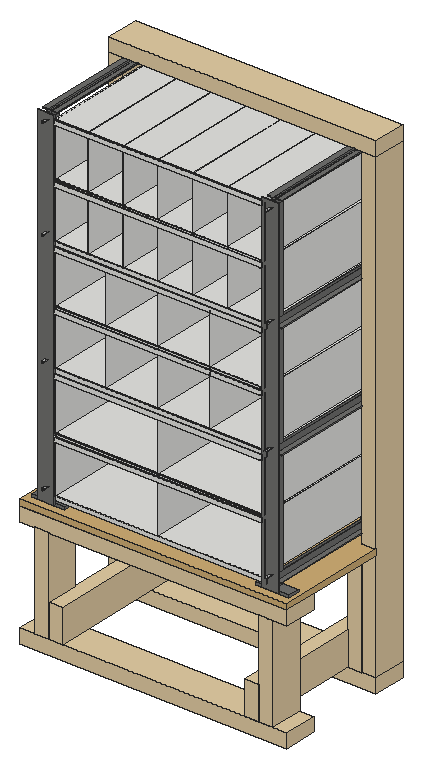
Revit family "Mailboxes_Aluminum-Rack_Ladder_System-Salsbury_Industries-3_Unit_High_Wall_Installation", category Specialty Equipment, host Wall, Revit 2016 (continued)
Definition of nested family "2200_Series_Aluminum_Mailboxes_Rack_Ladder_Units"
  Dimensions and locks (in)
    aligned and locked: plane 30 "Left Side Trim Alignment-Top and Bottom Trim" to Extrusion 5
    aligned and locked: Extrusion 5 to plane 27
    aligned and locked: cut or joined group of Extrusion 2, Extrusion 4, Extrusion 6 to plane 19
    aligned and locked: cut or joined group of Extrusion 2, Extrusion 4, Extrusion 6 to plane 16
    aligned and locked: plane 15 to cut or joined group of Extrusion 2, Extrusion 4, Extrusion 6
    aligned and locked: cut or joined group of Extrusion 2, Extrusion 4, Extrusion 6 to plane 18
    aligned and locked: cut or joined group of Extrusion 1, Extrusion 4, Extrusion 7 to plane 12 "Back Edge of Top Trim"
    aligned and locked: cut or joined group of Extrusion 1, Extrusion 4, Extrusion 7 to plane 22
    aligned and locked: cut or joined group of Extrusion 1, Extrusion 4, Extrusion 7 to plane 11 "Door Align-Back of Door"
    aligned and locked: cut or joined group of Extrusion 1, Extrusion 4, Extrusion 7 to plane 23
    aligned and locked: cut or joined group of Extrusion 1, Extrusion 4, Extrusion 7 to plane 10
    aligned and locked: plane 14 "Back Edge of Side Panels" to curve 46
    aligned and locked: curve 44 to plane 111
    aligned and locked: curve 45 to plane 34
  Automatic sketch dimensions
    plane 6 "Front" to Extrusion 4 sketch curve = 0.000"
    Extrusion 4 sketch curve to plane 24 "Right Side Trim Alignment-Top and Bottom Trim" = 0.000"
    Extrusion 4 sketch curve to plane 5 "Right" = 0.000"
    plane 27 to Extrusion 4 sketch curve = 0.000"
    plane 6 "Front" to Extrusion 6 sketch curve = 0.000"
    Extrusion 6 sketch curve to plane 30 "Left Side Trim Alignment-Top and Bottom Trim" = 0.000"
    Extrusion 6 sketch curve to plane 4 "Left" = 0.000"
    Extrusion 6 sketch curve to plane 27 = 0.000"
    Extrusion 7 sketch curve to plane 6 "Front" = 0.000"
    plane 22 to Extrusion 7 sketch curve = 0.000"
    Extrusion 7 sketch curve to plane 31 "Trop Trim Extrusion Line" = 0.000"
    plane 21 "Top Trim Height" to Extrusion 7 sketch curve = 0.000"
    Extrusion 9 sketch curve to plane 14 "Back Edge of Side Panels" = 0.000"
    Extrusion 9 sketch curve to plane 7 "Back" = 0.000"
    plane 21 "Top Trim Height" to Extrusion 9 sketch curve = 0.000"
    plane 14 "Back Edge of Side Panels" to Extrusion 11 sketch curve = 0.000"
    plane 15 to Extrusion 11 sketch curve = 0.000"
    Extrusion 11 sketch curve to plane 32 "Left Wall of Enclosure" = 0.000"
    Extrusion 11 sketch curve to plane 25 "Inner Right Side of Trim" = 0.000"
    plane 24 "Right Side Trim Alignment-Top and Bottom Trim" to Extrusion 12 sketch curve = 0.000"
    Extrusion 12 sketch curve to plane 55 "Door Align - Row 1" = 0.000"  (x2)
    Extrusion 12 sketch curve to plane 45 "Bottom Compartment Section-Top Plate" = 0.000"  (x2)
    plane 32 "Left Wall of Enclosure" to Extrusion 12 sketch curve = 0.000"
    plane 26 "Right Wall of Enclsosure" to Extrusion 12 sketch curve = 0.000"
    Extrusion 12 sketch curve to plane 93 = 0.0005"
    Extrusion 13 sketch curve to plane 77 = 0.000"
    plane 11 "Door Align-Back of Door" to Extrusion 22 sketch curve = 0.000"
    Extrusion 22 sketch curve to plane 68 = 0.000"
    Extrusion 22 sketch curve to plane 69 = 0.000"
    plane 92 to Extrusion 22 sketch curve = 0.000"
    curve 33 to plane 27 = 0.000"
    plane 27 to curve 30 = 0.000"
    curve 29 to plane 30 "Left Side Trim Alignment-Top and Bottom Trim" = 0.000"
    curve 32 to plane 24 "Right Side Trim Alignment-Top and Bottom Trim" = 0.000"
    curve 40 to plane 11 "Door Align-Back of Door" = 0.000"
    plane 23 to curve 40 = 0.000"
    curve 43 to plane 12 "Back Edge of Top Trim" = 0.000"
    plane 22 to curve 43 = 0.000"
    curve 36 to plane 15 = 0.000"
    curve 36 to plane 18 = 0.000"
    curve 38 to plane 17 "Back Edge of Bottom Trim" = 0.000"
    curve 38 to plane 19 = 0.000"
    curve 37 to plane 16 = 0.000"
    curve 40 to plane 10 = 0.000"
  Nested families (in)
    nested 1: "Rack Ladder None" at (-5.61775, -7.25025, 0.28125), type <- "Door Location D8", visible <- "Visible", type "No Door"
    nested 2: "Rack Ladder None" at (-9.3155, -7.25025, 0.28125), type <- "Door Location D7", visible <- "Visible", type "No Door"
    nested 3: "Rack Ladder #3 Door" at (-5.62725, -7.25025, 0.28125), type <- "Door Location D9", visible <- "Visible", type "#3 Door"
    nested 4: "Rack Ladder None" at (1.77825, -7.25025, 0.28125), type <- "Door Location D10", visible <- "Visible", type "No Door"
    nested 5: "Rack Ladder None" at (5.47625, -7.25025, 0.28125), type <- "Door Location D11", visible <- "Visible", type "No Door"
    nested 6: "Rack Ladder #3 Door" at (5.46925, -7.25025, 0.28125), type <- "Door Location D12", visible <- "Visible", type "#3 Door"
    nested 7: "Rack Ladder None" at (-5.61775, -7.25025, 6.219), type <- "Door Location D2", visible <- "Visible", type "No Door"
    nested 8: "Rack Ladder None" at (-9.3155, -7.25025, 6.219), type <- "Door Location D1", visible <- "Visible", type "No Door"
    nested 9: "Rack Ladder #3 Door" at (-5.62725, -7.25025, 6.219), type <- "Door Location D3", visible <- "Visible", type "#3 Door"
    nested 10: "Rack Ladder None" at (1.77825, -7.25025, 6.219), type <- "Door Location D4", visible <- "Visible", type "No Door"
    nested 11: "Rack Ladder None" at (5.47625, -7.25025, 6.219), type <- "Door Location D5", visible <- "Visible", type "No Door"
    nested 12: "Rack Ladder #3 Door" at (5.469, -7.25025, 6.219), type <- "Door Location D6", visible <- "Visible", type "#3 Door"
    nested 13: "Rack Ladder None" at (-7.46675, -7.25025, 0.28125), type <- "Door Location D15", type "No Door"
    nested 14: "Rack Ladder None" at (3.628, -7.25025, 0.28125), type <- "Door Location D16", type "No Door"
    nested 15: "Rack Ladder None" at (-7.46675, -7.25025, 6.219), type <- "Door Location D13", type "No Door"
    nested 16: "Rack Ladder None" at (3.628, -7.25025, 6.219), type <- "Door Location D14", type "No Door"
    nested 17: "Rack Ladder None" at (-1.7605, -7.25025, 0.28125), type <- "Door Location D17", type "No Door"
    nested 18: "Rack Ladder Latch Lock" at (5.93775, 7.77746, 0.59116), visible <- "Rear Door", type "Lock Latch"
      with Rear Door no
    nested 19: "Rack Ladder Latch Lock" at (-6.0935, 7.77746, 0.59116), visible <- "Rear Door", type "Lock Latch"
      with Rear Door no
  Definition of nested family "Rack Ladder #3 Door"
    Parameters (values of type "#3 Door")
      Width = 10.937"
      Type Comments = "For Aluminum Mailboxes"
      Model = "#3 Door"
      Manufacturer = "Salsbury Industries"
      Lock Offset - Vertical = 1.5625"
      Lock Material = none
      Height = 5.625"
      Front Panel Material = none
      Depth = 0.313"
    Reference planes (in)
      plane 1 "Center (Front/Back)": y = 0
      plane 2 "Bottom of Door": z = 0
      plane 3 "Center (Left/Right)": x = 0
      plane 4 "Left Side of Door": x = -5.4685
      plane 5 "Right Side of Door": x = 5.4685
      plane 6 "Front of Door": y = -0.1565
      plane 7 "Back of Door": y = 0.1565
      plane 8 "Vertical Center": z = 2.8125
      plane 9 "Top of Door": z = 5.625
      plane 10 "Hinge Line": x = 4.9685
      plane 11 "Vertical Lock Center": x = -4.4685
      plane 12: z = 1.5625
      plane 13: x = 3.9685
      plane 14: x = 3.4685
      plane 15: x = 2.4685
      plane 16: x = 1.9685
      plane 17: x = 0.9685
      plane 18: x = 0.4995
      plane 19: x = -0.5005
      plane 20: x = -1.0005
      plane 21: x = -2.0005
      plane 22: x = -2.5005
      plane 23: x = -3.4695
      plane 24: x = -3.9695
      plane 25: x = -4.9695
      plane 26 "Front of Hinge": y = -0.344
      plane 27 "Door Face Inset Guide": y = -0.12525
      plane 28: z = 4.875
    Forms (in)
      Extrusion 1, solid, material <- "Front Panel Material"
        sketch origin (0, 0, 0) x (1, 0, 0) y (0, 1, 0)
          loop
            line (5.4685, 0.1565) -> (-5.4685, 0.1565) -> (-5.4685, -0.1565) -> (4.9685, -0.1565)
            arc (4.9685, -0.1565) -> (5.2185, -0.34407) -> (5.4685, -0.1565) r 0.26039
            line (5.4685, -0.1565) -> (5.4685, 0.1565)
        from 0 to 5.625
      Extrusion 2, void
        sketch origin (0, -0.344, 0) x (1, 0, 0) y (0, 0, 1)
          loop
            line (3.9685, 5.625) -> (3.9685, 0) -> (4.9685, 0) -> (4.9685, 5.625) -> (3.9685, 5.625)
          loop
            line (2.4685, 5.625) -> (2.4685, 0) -> (3.4685, 0) -> (3.4685, 5.625) -> (2.4685, 5.625)
          loop
            line (0.9685, 5.625) -> (0.9685, 0) -> (1.9685, 0) -> (1.9685, 5.625) -> (0.9685, 5.625)
          loop
            line (-0.5005, 5.625) -> (-0.5005, 0) -> (0.4995, 0) -> (0.4995, 5.625) -> (-0.5005, 5.625)
          loop
            line (-2.0005, 5.625) -> (-2.0005, 0) -> (-1.0005, 0) -> (-1.0005, 5.625) -> (-2.0005, 5.625)
          loop
            line (-3.4695, 5.625) -> (-3.4695, 0) -> (-2.5005, 0) -> (-2.5005, 5.625) -> (-3.4695, 5.625)
          loop
            line (-4.9695, 5.625) -> (-4.9695, 0) -> (-3.9695, 0) -> (-3.9695, 5.625) -> (-4.9695, 5.625)
        from 0 to -0.21875
      Extrusion 3, void
        sketch origin (0, 0, -1.219) x (1, 0, 0) y (0, 0, 1)
          loop
            circle (-4.4685, 2.8125) r 0.3125
        from 0.12525 to -0.1565
      Extrusion 4, solid, material <- "Lock Material"
        sketch origin (0, 0.1565, -1.219) x (1, 0, 0) y (0, 0, 1)
          loop
            circle (-4.4685, 2.8125) r 0.3
        from 0 to 0.28175
      Extrusion 5, void
        sketch origin (0, -0.1565, -1.219) x (1, 0, 0) y (0, 0, 1)
          loop
            line (-4.531, 2.85778) -> (-4.531, 2.51103) -> (-4.406, 2.51103) -> (-4.406, 2.85778) -> (-4.531, 2.85778)
        from -0.1565 to 0
    Cuts and joins
      Extrusion 2, Extrusion 3 cuts Extrusion 1
      Extrusion 5 cuts Extrusion 4
    Lines and regions (in)
      symbolic lines
        curve 1: line (-5.4685, -0.1565, 5.625) -> (5.4685, -0.1565, 5.625)
        curve 2: line (-5.4685, -0.1565, 0) -> (-5.4685, -0.1565, 5.625)
        curve 3: line (5.4685, -0.1565, 0) -> (-5.4685, -0.1565, 0)
        curve 4: line (5.4685, -0.1565, 5.625) -> (5.4685, -0.1565, 0)
        curve 5: line (4.9685, -0.1565, 0) -> (4.9685, -0.1565, 5.625)
        curve 6: circle (-4.4685, -0.1565, 1.59551) r 0.31049 normal (0, -1, 0)
    Dimensions and locks (in)
      equal spacing: plane 9 "Top of Door", plane 8 "Vertical Center", plane 2 "Bottom of Door"
      equal spacing: plane 4 "Left Side of Door", plane 3 "Center (Left/Right)", plane 5 "Right Side of Door"
      equal spacing: plane 6 "Front of Door", plane 1 "Center (Front/Back)", plane 7 "Back of Door"
      "Height": plane 9 "Top of Door" to plane 2 "Bottom of Door"
      "Width": plane 4 "Left Side of Door" to plane 5 "Right Side of Door"
      "Depth": plane 6 "Front of Door" to plane 7 "Back of Door"
      plane 10 "Hinge Line" to plane 5 "Right Side of Door" = 0.500"
      "Lock Offset - Vertical": plane 12 to plane 2 "Bottom of Door"
      plane 4 "Left Side of Door" to plane 11 "Vertical Lock Center" = 1.000"
      plane 25 to plane 24 to plane 23 to plane 22 to plane 21 to plane 20 to plane 19 to plane 18 to plane 17 to plane 16 to plane 15 to plane 14 to plane 13 to plane 10 "Hinge Line" = 1.000" locked, 0.500" locked, 0.969" locked, 0.500" locked, 1.000" locked, 0.500" locked, 1.000" locked, 0.469" locked, 1.000" locked, 0.500" locked, 1.000" locked, 0.500" locked, 1.000" locked
      plane 26 "Front of Hinge" to plane 6 "Front of Door" = 0.1875"
      plane 6 "Front of Door" to plane 27 "Door Face Inset Guide" = 0.03125"
      plane 9 "Top of Door" to plane 28 = 0.750"
      aligned and locked: level to plane 2 "Bottom of Door"
      aligned and locked: cut or joined group of Extrusion 1, Extrusion 2, Extrusion 3 to plane 2 "Bottom of Door"
      aligned and locked: cut or joined group of Extrusion 1, Extrusion 2, Extrusion 3 to plane 9 "Top of Door"
      aligned and locked: plane 9 "Top of Door" to Extrusion 2 sketch curve  (x7)
      aligned and locked: plane 2 "Bottom of Door" to curve 3
      aligned and locked: plane 5 "Right Side of Door" to curve 4
      aligned and locked: curve 2 to plane 4 "Left Side of Door"
      aligned and locked: plane 9 "Top of Door" to curve 1
      aligned and locked: plane 2 "Bottom of Door" to curve 5
      aligned and locked: plane 9 "Top of Door" to curve 5
      aligned and locked: curve 5 to plane 10 "Hinge Line"
    Automatic sketch dimensions
      Extrusion 1 sketch curve to plane 4 "Left Side of Door" = 0.000"
      plane 6 "Front of Door" to Extrusion 1 sketch curve = 0.000"  (x2)
      Extrusion 1 sketch curve to plane 10 "Hinge Line" = 0.000"
      Extrusion 1 sketch curve to plane 5 "Right Side of Door" = 0.000"
      plane 7 "Back of Door" to Extrusion 1 sketch curve = 0.000"
      Extrusion 1 sketch curve to plane 27 "Door Face Inset Guide" = 0.04158"
      Extrusion 2 sketch curve to level = 0.000"  (x7)
      plane 25 to Extrusion 2 sketch curve = 0.000"
      plane 24 to Extrusion 2 sketch curve = 0.000"
      plane 23 to Extrusion 2 sketch curve = 0.000"
      plane 22 to Extrusion 2 sketch curve = 0.000"
      plane 21 to Extrusion 2 sketch curve = 0.000"
      plane 20 to Extrusion 2 sketch curve = 0.000"
      plane 19 to Extrusion 2 sketch curve = 0.000"
      plane 18 to Extrusion 2 sketch curve = 0.000"
      plane 17 to Extrusion 2 sketch curve = 0.000"
      plane 16 to Extrusion 2 sketch curve = 0.000"
      plane 15 to Extrusion 2 sketch curve = 0.000"
      plane 14 to Extrusion 2 sketch curve = 0.000"
      plane 13 to Extrusion 2 sketch curve = 0.000"
      plane 10 "Hinge Line" to Extrusion 2 sketch curve = 0.000"
      plane 8 "Vertical Center" to Extrusion 3 sketch curve = 1.219"
      plane 11 "Vertical Lock Center" to Extrusion 3 sketch curve = 0.000"
      plane 8 "Vertical Center" to Extrusion 4 sketch curve = 1.219"
      plane 11 "Vertical Lock Center" to Extrusion 4 sketch curve = 0.000"
      plane 11 "Vertical Lock Center" to Extrusion 5 sketch curve = 0.0625"
      Extrusion 5 sketch curve to plane 11 "Vertical Lock Center" = 0.0625"
      plane 8 "Vertical Center" to Extrusion 5 sketch curve = 1.52047"
      plane 8 "Vertical Center" to Extrusion 5 sketch curve = 1.17372"
      plane 11 "Vertical Lock Center" to curve 6 = 0.000"
      curve 6 to plane 12 = 0.03301"
      radius of Extrusion 3 sketch curve = 0.3125"
      radius of Extrusion 4 sketch curve = 0.300"
      radius of curve 6 = 0.31049"
  Definition of nested family "Rack Ladder None"
    Parameters (values of type "No Door")
      Width = 3.522"
      Visible = no
      Type Comments = "For Aluminum Mailboxes"
      Model = "#1 Door"
      Manufacturer = "Salsbury Industries"
      Lock Offset - Vertical = 1.5625"
      Lock Material = none
      Height = 5.625"
      Front Panel Material = none
      Door Numbers = no
      Door Number [instance] = "1"
      Depth = 0.313"
    Reference planes (in)
      plane 1 "Center (Front/Back)": y = 0
      plane 2 "Bottom of Door": z = 0
      plane 3 "Center (Left/Right)": x = 0
      plane 4 "Left Side of Door": x = -1.761
      plane 5 "Right Side of Door": x = 1.761
      plane 6 "Front of Door": y = -0.1565
      plane 7 "Back of Door": y = 0.1565
      plane 8 "Vertical Center": z = 2.8125
      plane 9 "Top of Door": z = 5.625
      plane 10 "Hinge Line": x = 1.261
      plane 11 "Vertical Lock Center": x = -0.761
      plane 12: z = 1.5625
      plane 13: x = 0.261
      plane 14: x = -0.239
      plane 15: x = -1.239
      plane 16: x = -1.739
      plane 17: x = -2.739
      plane 18: x = -3.208
      plane 19: x = -4.208
      plane 20: x = -4.708
      plane 21: x = -5.708
      plane 22: x = -6.208
      plane 23: x = -7.177
      plane 24: x = -7.677
      plane 25: x = -8.677
      plane 26 "Front of Hinge": y = -0.344
      plane 27 "Door Face Inset Guide": y = -0.12525
      plane 28: z = 4.875
    Forms (in)
      Extrusion 1, solid, material <- "Front Panel Material", visible <- "Visible"
        sketch origin (0, 0, 0) x (1, 0, 0) y (0, 1, 0)
          loop
            line (1.761, 0.1565) -> (-1.761, 0.1565) -> (-1.761, -0.1565) -> (1.261, -0.1565)
            arc (1.261, -0.1565) -> (1.511, -0.34407) -> (1.761, -0.1565) r 0.26039
            line (1.761, -0.1565) -> (1.761, 0.1565)
        from 0 to 5.625
      Extrusion 2, void
        sketch origin (0, -0.344, 0) x (1, 0, 0) y (0, 0, 1)
          loop
            line (0.261, 5.625) -> (0.261, 0) -> (1.261, 0) -> (1.261, 5.625) -> (0.261, 5.625)
          loop
            line (-1.239, 5.625) -> (-1.239, 0) -> (-0.239, 0) -> (-0.239, 5.625) -> (-1.239, 5.625)
          loop
            line (-2.739, 5.625) -> (-2.739, 0) -> (-1.761, 0) -> (-1.761, 5.625) -> (-2.739, 5.625)
          loop
            line (-4.208, 5.625) -> (-4.208, 0) -> (-3.208, 0) -> (-3.208, 5.625) -> (-4.208, 5.625)
          loop
            line (-5.708, 5.625) -> (-5.708, 0) -> (-4.708, 0) -> (-4.708, 5.625) -> (-5.708, 5.625)
          loop
            line (-7.177, 5.625) -> (-7.177, 0) -> (-6.208, 0) -> (-6.208, 5.625) -> (-7.177, 5.625)
          loop
            line (-8.677, 5.625) -> (-8.677, 0) -> (-7.677, 0) -> (-7.677, 5.625) -> (-8.677, 5.625)
        from 0 to -0.21875
      Extrusion 3, void
        sketch origin (0, 0, -1.219) x (1, 0, 0) y (0, 0, 1)
          loop
            circle (-0.761, 2.8125) r 0.3125
        from 0.12525 to -0.1565
      Extrusion 4, solid, material <- "Lock Material", visible <- "Visible"
        sketch origin (0, 0.1565, -1.219) x (1, 0, 0) y (0, 0, 1)
          loop
            circle (-0.761, 2.8125) r 0.3
        from 0 to 0.28175
      Extrusion 5, void
        sketch origin (0, -0.1565, -1.219) x (1, 0, 0) y (0, 0, 1)
          loop
            line (-0.8235, 2.85778) -> (-0.8235, 2.51103) -> (-0.6985, 2.51103) -> (-0.6985, 2.85778) -> (-0.8235, 2.85778)
        from -0.1565 to 0
    Cuts and joins
      Extrusion 2, Extrusion 3 cuts Extrusion 1
      Extrusion 5 cuts Extrusion 4
    Dimensions and locks (in)
      equal spacing: plane 9 "Top of Door", plane 8 "Vertical Center", plane 2 "Bottom of Door"
      equal spacing: plane 4 "Left Side of Door", plane 3 "Center (Left/Right)", plane 5 "Right Side of Door"
      equal spacing: plane 6 "Front of Door", plane 1 "Center (Front/Back)", plane 7 "Back of Door"
      "Height": plane 9 "Top of Door" to plane 2 "Bottom of Door"
      "Width": plane 4 "Left Side of Door" to plane 5 "Right Side of Door"
      "Depth": plane 6 "Front of Door" to plane 7 "Back of Door"
      plane 10 "Hinge Line" to plane 5 "Right Side of Door" = 0.500"
      "Lock Offset - Vertical": plane 12 to plane 2 "Bottom of Door"
      plane 4 "Left Side of Door" to plane 11 "Vertical Lock Center" = 1.000"
      plane 25 to plane 24 to plane 23 to plane 22 to plane 21 to plane 20 to plane 19 to plane 18 to plane 17 to plane 16 to plane 15 to plane 14 to plane 13 to plane 10 "Hinge Line" = 1.000" locked, 0.500" locked, 0.969" locked, 0.500" locked, 1.000" locked, 0.500" locked, 1.000" locked, 0.469" locked, 1.000" locked, 0.500" locked, 1.000" locked, 0.500" locked, 1.000" locked
      plane 26 "Front of Hinge" to plane 6 "Front of Door" = 0.1875"
      plane 6 "Front of Door" to plane 27 "Door Face Inset Guide" = 0.03125"
      plane 9 "Top of Door" to plane 28 = 0.750"
      aligned and locked: level to plane 2 "Bottom of Door"
      aligned and locked: cut or joined group of Extrusion 1, Extrusion 2, Extrusion 3 to plane 2 "Bottom of Door"
      aligned and locked: cut or joined group of Extrusion 1, Extrusion 2, Extrusion 3 to plane 9 "Top of Door"
      aligned and locked: plane 9 "Top of Door" to Extrusion 2 sketch curve  (x7)
    Automatic sketch dimensions
      Extrusion 1 sketch curve to plane 4 "Left Side of Door" = 0.000"
      plane 6 "Front of Door" to Extrusion 1 sketch curve = 0.000"  (x2)
      Extrusion 1 sketch curve to plane 10 "Hinge Line" = 0.000"
      Extrusion 1 sketch curve to plane 5 "Right Side of Door" = 0.000"
      plane 7 "Back of Door" to Extrusion 1 sketch curve = 0.000"
      Extrusion 1 sketch curve to plane 27 "Door Face Inset Guide" = 0.04158"
      Extrusion 2 sketch curve to level = 0.000"  (x7)
      plane 25 to Extrusion 2 sketch curve = 0.000"
      plane 24 to Extrusion 2 sketch curve = 0.000"
      plane 23 to Extrusion 2 sketch curve = 0.000"
      plane 22 to Extrusion 2 sketch curve = 0.000"
      plane 21 to Extrusion 2 sketch curve = 0.000"
      plane 20 to Extrusion 2 sketch curve = 0.000"
      plane 19 to Extrusion 2 sketch curve = 0.000"
      plane 18 to Extrusion 2 sketch curve = 0.000"
      plane 17 to Extrusion 2 sketch curve = 0.000"
      plane 16 to Extrusion 2 sketch curve = 0.022"
      plane 15 to Extrusion 2 sketch curve = 0.000"
      plane 14 to Extrusion 2 sketch curve = 0.000"
      plane 13 to Extrusion 2 sketch curve = 0.000"
      plane 10 "Hinge Line" to Extrusion 2 sketch curve = 0.000"
      plane 8 "Vertical Center" to Extrusion 3 sketch curve = 1.219"
      plane 11 "Vertical Lock Center" to Extrusion 3 sketch curve = 0.000"
      plane 8 "Vertical Center" to Extrusion 4 sketch curve = 1.219"
      plane 11 "Vertical Lock Center" to Extrusion 4 sketch curve = 0.000"
      plane 11 "Vertical Lock Center" to Extrusion 5 sketch curve = 0.0625"
      Extrusion 5 sketch curve to plane 11 "Vertical Lock Center" = 0.0625"
      plane 8 "Vertical Center" to Extrusion 5 sketch curve = 1.52047"
      plane 8 "Vertical Center" to Extrusion 5 sketch curve = 1.17372"
      radius of Extrusion 3 sketch curve = 0.3125"
      radius of Extrusion 4 sketch curve = 0.300"
  Definition of nested family "Rack Ladder Latch Lock"
    Parameters (values of type "Lock Latch")
      Width = 1.866"
      Type Comments = "Lock Latch for Aluminum Mailboxes"
      Rear Door = yes
      Manufacturer = "Salsbury Industries"
      Height = 1.750"
      Depth = 0.244"
      Back Enclosure Material = none
    Reference planes (in)
      plane 1 "Center (Front/Back)": y = 0
      plane 2 "bottom": z = 0
      plane 3 "Center (Left/Right)": x = 0
      plane 4 "right": x = -0.933
      plane 5 "left": x = 0.933
      plane 6 "Front": y = 0.122
      plane 7 "Back": y = -0.122
      plane 8 "Vertical Center": z = 0.875
      plane 9 "top": z = 1.75
      plane 10: z = -0.279
    Forms (in)
      Extrusion 1, solid, material <- "Back Enclosure Material", visible <- "Rear Door"
        sketch origin (0, 0, 0) x (1, 0, 0) y (0, 1, 0)
          loop
            line (-0.2052, -0.0902) -> (-0.933, -0.0902) -> (-0.933, -0.12209) -> (-0.20518, -0.12209)
            arc (-0.20518, -0.12209) -> (-0.12279, -0.08579) -> (-0.09398, -0.00048) r 0.11165
            arc (-0.09398, -0.00048) -> (0.00012, 0.09362) -> (0.09423, -0.00048) r 0.09411
            arc (0.09423, -0.00048) -> (0.12477, -0.08591) -> (0.208, -0.122) r 0.11401
            line (0.208, -0.122) -> (0.933, -0.122) -> (0.933, -0.08954) -> (0.20816, -0.08954)
            arc (0.20816, -0.08954) -> (0.14702, -0.06294) -> (0.1248, -0.00006) r 0.08357
            arc (0.1248, -0.00006) -> (-0.00014, 0.12487) -> (-0.12507, -0.00006) r 0.12494
            arc (-0.12507, -0.00006) -> (-0.1449, -0.06312) -> (-0.2052, -0.0902) r 0.08069
        from 0 to 1.75
      Extrusion 2, void
        sketch origin (0, 0.122, 0) x (1, 0, 0) y (0, 0, 1)
          loop
            line (-0.16686, 1.46934) -> (-0.16686, 0.23804) -> (0.1534, 0.23804) -> (0.1534, 0.43538) -> (0.08495, 0.43538) -> (0.08495, 1.31462) -> (0.1534, 1.31462) -> (0.1534, 1.46934) -> (-0.16686, 1.46934)
        from -0.01091 to 0.1442
      Blend 3, solid, material <- "Back Enclosure Material", visible <- "Rear Door", detail levels fine
        base sketch origin (0, 0.122, 0) x (1, 0, 0) y (0, 0, 1)
          loop
            circle (-0.5582, 1.36599) r 0.1
        top sketch origin (0, 0.122, 0) x (1, 0, 0) y (0, 0, 1)
          loop
            circle (-0.5582, 1.36599) r 0.25
        from 0.16742 to 0.21154
      Blend 4, solid, material <- "Back Enclosure Material", visible <- "Rear Door", detail levels fine
        base sketch origin (1.11828, 0.122, 0) x (1, 0, 0) y (0, 0, 1)
          loop
            circle (-0.5582, 1.36599) r 0.1
        top sketch origin (1.11828, 0.122, 0) x (1, 0, 0) y (0, 0, 1)
          loop
            circle (-0.5582, 1.36599) r 0.25
        from 0.16742 to 0.21154
      Blend 5, solid, material <- "Back Enclosure Material", visible <- "Rear Door", detail levels fine
        base sketch origin (0, 0.122, -1) x (1, 0, 0) y (0, 0, 1)
          loop
            circle (-0.5582, 1.36599) r 0.1
        top sketch origin (0, 0.122, -1) x (1, 0, 0) y (0, 0, 1)
          loop
            circle (-0.5582, 1.36599) r 0.25
        from 0.16742 to 0.21154
      Blend 6, solid, material <- "Back Enclosure Material", visible <- "Rear Door", detail levels fine
        base sketch origin (1.11828, 0.122, -1) x (1, 0, 0) y (0, 0, 1)
          loop
            circle (-0.5582, 1.36599) r 0.1
        top sketch origin (1.11828, 0.122, -1) x (1, 0, 0) y (0, 0, 1)
          loop
            circle (-0.5582, 1.36599) r 0.25
        from 0.16742 to 0.21154
      Extrusion 7, solid, material <- "Back Enclosure Material", visible <- "Rear Door"
        sketch origin (0.00096, -7.77812, -0.40625) x (1, 0, 0) y (0, 1, 0)
          loop
            circle (-0.00048, 7.77784) r 0.09014
        from 0 to 2
      Extrusion 8, solid, material <- "Back Enclosure Material", visible <- "Rear Door"
        sketch origin (0, -7.78798, 0) x (0, 1, 0) y (0, 0, 1)
          loop
            circle (7.81979, 0.30837) r 0.05
        from 0 to 0.5
      Extrusion 9, solid, material <- "Back Enclosure Material", visible <- "Rear Door"
        sketch origin (0.00176, -0.02845, -0.59125) x (1, 0, 0) y (0, 0, 1)
          loop
            line (1.0609, 0.28125) -> (1.0609, 0.31225) -> (-1.06287, 0.31225) -> (-1.06287, 0.28125) -> (1.0609, 0.28125)
        from -0.25 to 0.625
      Extrusion 10, void
        sketch origin (0.00176, -7.77845, -0.31) x (0, -1, 0) y (1, 0, 0)
          loop
            circle (-7.77776, -0.00113) r 0.09325
        from 0 to 0.031
    Cuts and joins
      Extrusion 2 cuts Extrusion 1
      Extrusion 10 cuts Extrusion 9
    Lines and regions (in)
      symbolic lines
        curve 1: line (0.933, 0.122, 1.75) -> (-0.933, 0.122, 1.75)
        curve 2: line (0.933, 0.122, 0) -> (0.933, 0.122, 1.75)
        curve 3: line (-0.933, 0.122, 0) -> (0.933, 0.122, 0)
        curve 4: line (-0.933, 0.122, 1.75) -> (-0.933, 0.122, 0)
        curve 5: line (0.933, 0.122, -0.279) -> (-0.933, 0.122, -0.279)
        curve 6: line (0.08495, 0.122, 1.75) -> (-0.09416, 0.122, 1.75)
        curve 7: line (0.08495, 0.122, -0.40625) -> (0.08495, 0.122, 1.75)
        curve 8: line (-0.09416, 0.122, -0.40625) -> (0.08495, 0.122, -0.40625)
        curve 9: line (-0.09416, 0.122, 1.75) -> (-0.09416, 0.122, -0.40625)
        curve 10: line (0, -0.122, -0.279) -> (0, 0.122, -0.279)
        curve 11: line (0, -0.122, 1.75) -> (0, 0.122, 1.75)
        curve 12: line (0, -0.122, -0.40625) -> (0, -0.122, 1.75)
        curve 13: line (0, 0.122, -0.40625) -> (0, -0.122, -0.40625)
        curve 14: line (0, 0.122, 1.75) -> (0, 0.122, -0.40625)
        curve 15: line (-0.933, -0.122, 0) -> (-0.933, -0.0902, 0)
        curve 16: line (-0.933, -0.0902, 0) -> (0.933, -0.0902, 0)
        curve 17: line (0.933, -0.0902, 0) -> (0.933, -0.122, 0)
    Dimensions and locks (in)
      equal spacing: plane 7 "Back", plane 1 "Center (Front/Back)", plane 6 "Front"
      "Depth": plane 7 "Back" to plane 6 "Front"
      equal spacing: plane 4 "right", plane 3 "Center (Left/Right)", plane 5 "left"
      "Width": plane 4 "right" to plane 5 "left"
      equal spacing: plane 9 "top", plane 8 "Vertical Center", plane 2 "bottom"
      "Height": plane 9 "top" to plane 2 "bottom"
      plane 10 to level = 0.279"
      aligned and locked: level to plane 2 "bottom"
      aligned and locked: curve 4 to plane 4 "right"
      aligned and locked: plane 9 "top" to curve 1
      aligned and locked: plane 5 "left" to curve 2
      aligned and locked: plane 2 "bottom" to curve 3
      aligned and locked: plane 5 "left" to curve 5
      aligned and locked: plane 4 "right" to curve 5
      aligned and locked: plane 10 to curve 5
      aligned and locked: plane 9 "top" to curve 6
      aligned and locked: plane 7 "Back" to curve 10
      aligned and locked: plane 6 "Front" to curve 10
      aligned and locked: curve 12 to plane 7 "Back"
      aligned and locked: plane 6 "Front" to curve 14
      aligned and locked: plane 9 "top" to curve 11
      aligned and locked: cut or joined group of Extrusion 1, Extrusion 2 to plane 5 "left"
      aligned and locked: plane 4 "right" to cut or joined group of Extrusion 1, Extrusion 2
    Automatic sketch dimensions
      Extrusion 1 sketch curve to plane 4 "right" = 0.000"
      plane 7 "Back" to Extrusion 1 sketch curve = 0.000"
      Extrusion 1 sketch curve to plane 5 "left" = 0.000"
      plane 1 "Center (Front/Back)" to Extrusion 1 sketch curve = 0.00951"
      Extrusion 1 sketch curve to plane 3 "Center (Left/Right)" = 0.2052"
      plane 7 "Back" to Extrusion 1 sketch curve = 0.00009"
      Extrusion 1 sketch curve to Extrusion 1 sketch curve = 0.00002"
      Extrusion 1 sketch curve to plane 3 "Center (Left/Right)" = 0.00014"
      plane 3 "Center (Left/Right)" to Extrusion 1 sketch curve = 0.00012"
      plane 3 "Center (Left/Right)" to Extrusion 1 sketch curve = 0.208"
      Extrusion 1 sketch curve to Extrusion 1 sketch curve = 0.00016"
      Extrusion 1 sketch curve to plane 7 "Back" = 0.0318"
      Extrusion 1 sketch curve to plane 7 "Back" = 0.03246"
      Extrusion 1 sketch curve to Extrusion 1 sketch curve = 0.00094"
      plane 1 "Center (Front/Back)" to Extrusion 1 sketch curve = 0.00799"
      Extrusion 1 sketch curve to Extrusion 1 sketch curve = 0.00201"
      Extrusion 2 sketch curve to plane 3 "Center (Left/Right)" = 0.16686"
      plane 3 "Center (Left/Right)" to Extrusion 2 sketch curve = 0.08495"
      Extrusion 2 sketch curve to Extrusion 2 sketch curve = 0.06845"  (x2)
      level to Extrusion 2 sketch curve = 0.23804"
      Extrusion 2 sketch curve to Extrusion 2 sketch curve = 0.19734"
      plane 9 "top" to Extrusion 2 sketch curve = 0.43538"
      plane 9 "top" to Extrusion 2 sketch curve = 0.28066"
      Blend 3 sketch curve to plane 4 "right" = 0.3748"  (x2)
      plane 9 "top" to Blend 3 sketch curve = 0.38401"  (x2)
      plane 5 "left" to Blend 4 sketch curve = 0.37292"  (x2)
      plane 9 "top" to Blend 4 sketch curve = 0.38401"  (x2)
      Blend 5 sketch curve to plane 4 "right" = 0.3748"  (x2)
      level to Blend 5 sketch curve = 0.36599"  (x2)
      plane 5 "left" to Blend 6 sketch curve = 0.37292"  (x2)
      level to Blend 6 sketch curve = 0.36599"  (x2)
      plane 3 "Center (Left/Right)" to Extrusion 7 sketch curve = 0.00048"
      plane 1 "Center (Front/Back)" to Extrusion 7 sketch curve = 0.00028"
      level to Extrusion 8 sketch curve = 0.30837"
      plane 6 "Front" to Extrusion 8 sketch curve = 0.09019"
      plane 4 "right" to Extrusion 9 sketch curve = 0.1281"
      Extrusion 9 sketch curve to plane 5 "left" = 0.12966"
      Extrusion 9 sketch curve to level = 0.310"
      Extrusion 9 sketch curve to Extrusion 9 sketch curve = 0.031"
      plane 1 "Center (Front/Back)" to Extrusion 10 sketch curve = 0.0007"
      plane 3 "Center (Left/Right)" to Extrusion 10 sketch curve = 0.00063"
      curve 6 to plane 3 "Center (Left/Right)" = 0.09416"
      plane 3 "Center (Left/Right)" to curve 6 = 0.08495"
      plane 10 to curve 9 = 0.12725"
      plane 10 to curve 10 = 0.000"
      plane 10 to curve 14 = 0.12725"
      curve 15 to plane 4 "right" = 0.000"
      curve 17 to plane 5 "left" = 0.000"
      curve 16 to plane 7 "Back" = 0.0318"
      plane 7 "Back" to curve 17 = 0.000"
      plane 7 "Back" to curve 15 = 0.000"
      radius of Blend 3 sketch curve = 0.100"
      radius of Blend 3 sketch curve = 0.250"
      radius of Blend 4 sketch curve = 0.100"
      radius of Blend 4 sketch curve = 0.250"
      radius of Blend 5 sketch curve = 0.100"
      radius of Blend 5 sketch curve = 0.250"
      radius of Blend 6 sketch curve = 0.100"
      radius of Blend 6 sketch curve = 0.250"
      radius of Extrusion 7 sketch curve = 0.09014"
      radius of Extrusion 8 sketch curve = 0.050"
      radius of Extrusion 10 sketch curve = 0.09325"
Types (5): name | Starter and Add On Configuration (not applicable) | Starter Configuration (not applicable) | Rough Opening Width | Right RO Offset | Left RO Offset | End Column and Add On Configuration (not applicable) | Description | 2200 Series Mailbox - Location 3 | 2200 Series Mailbox - Location 2 | 2200 Series Mailbox - Location 1
  (no name) | yes | yes | 25.375" | 1.500" | 1.500" | yes | "3 Unit High  Installation - Single Column" | 2200_Series_Aluminum_Mailboxes_Rack_Ladder_Units : 2212 | 2200_Series_Aluminum_Mailboxes_Rack_Ladder_Units : 2208 | 2200_Series_Aluminum_Mailboxes_Rack_Ladder_Units : 2204
  Starter Column-2200 Series Mailboxes-3 High | no | no | 25.375" | 0.000" | 1.500" | yes | "3 Unit High  Installation - Starter Column" | 2200_Series_Aluminum_Mailboxes_Rack_Ladder_Units : 2202 | 2200_Series_Aluminum_Mailboxes_Rack_Ladder_Units : 2201 | 2200_Series_Aluminum_Mailboxes_Rack_Ladder_Units : 2280
  Right Side - Add On Column-2200 Series Mailboxes-3 High | no | yes | 23.875" | 0.000" | 0.000" | no | "3 Unit High  Installation - Add On Column" | 2200_Series_Aluminum_Mailboxes_Rack_Ladder_Units : 2201 | 2200_Series_Aluminum_Mailboxes_Rack_Ladder_Units : 2280 | 2200_Series_Aluminum_Mailboxes_Rack_Ladder_Units : 2282
  Single Column Installation-2200 Series Mailboxes-3 High | yes | yes | 25.375" | 1.500" | 1.500" | yes | "3 Unit High  Installation - Single Column" | 2200_Series_Aluminum_Mailboxes_Rack_Ladder_Units : 2212 | 2200_Series_Aluminum_Mailboxes_Rack_Ladder_Units : 2208 | 2200_Series_Aluminum_Mailboxes_Rack_Ladder_Units : 2204
  Right Side - End Column-2200 Series Mailboxes-3 High | yes | yes | 23.875" | 1.500" | 0.000" | no | "3 Unit High  Installation - End Column" | 2200_Series_Aluminum_Mailboxes_Rack_Ladder_Units : 2282 | 2200_Series_Aluminum_Mailboxes_Rack_Ladder_Units : 2270P | 2200_Series_Aluminum_Mailboxes_Rack_Ladder_Units : 2272P
